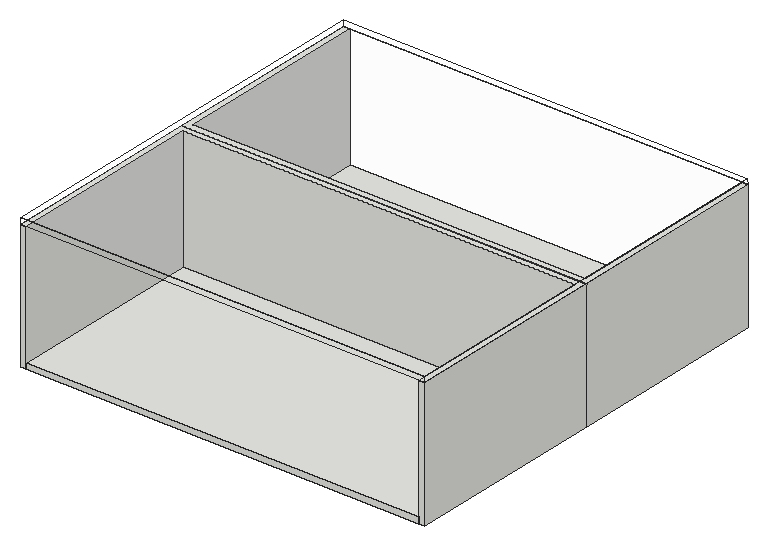
Revit family "Table-Coffee-Teknion-STLJ_Masalla-R2013", category Furniture, Revit 2013
Parameters (values of type "2 Box Square")
  Width = 33.46457"
  Warranty = "http://www.teknionstudio.com/pdfs/Teknion%20Studio%20Warranty.pdf"
  Unit Weight = 0.00 lbf
  URL = "www.teknionstudio.com"
  Table Top Finish [instance] = Glass - Teknion - A5 - Standard - Clear
  Surface B Finish [instance] = Paint - Teknion - True White
  Surface A Finish [instance] = Paint - Teknion - True White
  Series = "Studio"
  Product Line = "Masalla"
  Product Documentation Link = "http://www.teknionstudio.com/pricing/STLJ_ppg.pdf"
  Part Number = "STLJ"
  Model = "STLJ"
  Manufacturer Phone = "919-464-2920"
  Manufacturer Fax = "919-464-2927"
  Manufacturer Email = "customersupport@teknionstudio.com"
  Manufacturer Address = "3941 US 70 Business HWY West, Clayton, NC 27520"
  Manufacturer = "Teknion Studio"
  Low Emitting Material = yes
  Low Emitting Finish = yes
  Height = 12.59843"
  Description = "Masalla Table, 2 Box Square"
  Depth = 33.46457"
  Assembly Code = "E2020200"
Reference planes (in)
  plane 1 "Center F/B": y = 0
  plane 2: z = 0
  plane 3 "Center L/R": x = 0
  plane 4 "Left": x = -16.73228
  plane 5 "Right": x = 16.73228
  plane 6 "Back": y = 16.73228
  plane 7 "Front": y = -16.73228
  plane 8 "Top": z = 12.59843
  plane 9: z = 1.5748
  plane 10: z = 12.12598
Forms (in)
  Sweep 1, solid, material "Paint - Teknion - Smoke"
    path origin (0, 0, 0) x (1, 0, 0) y (0, 0, 1)
      loop
        line (0, 0) -> (0, 1.5748)
    profile origin (0, 0, 0.7874) x (-1, 0, 0) y (0, -1, 0)
      loop
        line (14.37028, -14.37008) -> (14.37028, 14.37008) -> (-14.37028, 14.37008) -> (-14.37028, -14.37008) -> (14.37028, -14.37008)
      loop
        line (-13.89784, -13.89764) -> (13.89784, -13.89764) -> (13.89784, 13.89764) -> (-13.89784, 13.89764) -> (-13.89784, -13.89764)
  Sweep 2, solid, material "Paint - Teknion - Smoke"
    path origin (0, 0, 0) x (1, 0, 0) y (0, 0, 1)
      loop
        line (0, 1.5748) -> (0, 1.10236)
    profile origin (0, 0, 1.33858) x (0, -1, 0) y (1, 0, 0)
      loop
        line (-13.89764, -13.89728) -> (13.89764, -13.89728) -> (13.89764, 13.89728) -> (-13.89764, 13.89728) -> (-13.89764, -13.89728)
  Sweep 3, solid, material "Glass - Teknion - A5 - Standard - Clear" <- "Table Top Finish"
    path origin (0, 0, 0) x (1, 0, 0) y (0, 0, 1)
      loop
        line (0, 12.59843) -> (0, 12.12598)
    profile origin (0, 0, 12.3622) x (0, -1, 0) y (1, 0, 0)
      loop
        line (-16.73228, -16.73228) -> (16.73228, -16.73228) -> (16.73228, 16.73228) -> (-16.73228, 16.73228) -> (-16.73228, -16.73228)
  Sweep 4, solid, material "Paint - Teknion - True White" <- "Surface A Finish"
    path origin (0, 0, 0) x (1, 0, 0) y (0, 0, 1)
      loop
        line (0, 12.12598) -> (0, 1.5748)
    profile origin (0, 0, 6.85039) x (0, -1, 0) y (1, 0, 0)
      loop
        line (-16.73228, -16.73228) -> (0, -16.73228) -> (0, 16.73228) -> (-16.73228, 16.73228) -> (-16.73228, 16.26028) -> (-0.472, 16.26028) -> (-0.472, -16.25984) -> (-16.73228, -16.25984) -> (-16.73228, -16.73228)
  Sweep 5, solid, material "Paint - Teknion - True White" <- "Surface A Finish"
    path origin (0, 0, 0) x (-1, 0, 0) y (0, 0, 1)
      loop
        line (0, 1.5748) -> (0, 2.04724)
    profile origin (0, 0, 1.81102) x (-1, 0, 0) y (0, -1, 0)
      loop
        line (-16.25984, -16.73228) -> (16.25984, -16.73228) -> (16.25984, -0.472) -> (-16.25984, -0.472) -> (-16.25984, -16.73228)
  Sweep 6, solid, material "Paint - Teknion - True White" <- "Surface B Finish"
    path origin (0, 0, 0) x (1, 0, 0) y (0, 0, -1)
      loop
        line (0, -1.5748) -> (0, -2.04724)
    profile origin (0, 0, 1.81102) x (1, 0, 0) y (0, 1, 0)
      loop
        line (-16.25984, -16.73228) -> (16.25984, -16.73228) -> (16.25984, -0.472) -> (-16.25984, -0.472) -> (-16.25984, -16.73228)
  Sweep 7, solid, material "Paint - Teknion - True White" <- "Surface B Finish"
    path origin (0, 0, 0) x (1, 0, 0) y (0, 0, 1)
      loop
        line (0, 12.12598) -> (0, 1.5748)
    profile origin (0, 0, 6.85039) x (0, -1, 0) y (1, 0, 0)
      loop
        line (16.73228, 16.73228) -> (0, 16.73228) -> (0, -16.73228) -> (16.73228, -16.73228) -> (16.73228, -16.26028) -> (0.472, -16.26028) -> (0.472, 16.25984) -> (16.73228, 16.25984) -> (16.73228, 16.73228)
Lines and regions (in)
  Masking region 1
    outline origin (0, 0, 12.59843) x (-1, 0, 0) y (0, -1, 0)
      loop
        line (16.73228, -16.73228) -> (16.73228, 16.73228) -> (-16.73228, 16.73228) -> (-16.73228, -16.73228) -> (16.73228, -16.73228)
  symbolic lines, style "Hidden Lines", detail levels medium+fine
    curve 1: line (-16.73228, 0, 12.59843) -> (16.73228, 0, 12.59843)
  symbolic lines, style "Hidden Lines", detail levels fine
    curve 2: line (16.25984, 16.73228, 12.59843) -> (16.25984, -16.73228, 12.59843)
    curve 3: line (-16.25984, 16.73228, 12.59843) -> (-16.25984, -16.73228, 12.59843)
    curve 4: line (-16.25984, 0.472, 12.59843) -> (16.25984, 0.472, 12.59843)
    curve 5: line (-16.25984, -0.472, 12.59843) -> (16.25984, -0.472, 12.59843)
Dimensions and locks (in)
  "Height": plane 8 "Top" to plane 2
  equal spacing: plane 4 "Left", plane 3 "Center L/R", plane 5 "Right"
  equal spacing: plane 6 "Back", plane 1 "Center F/B", plane 7 "Front"
  "Width": plane 4 "Left" to plane 5 "Right"
  "Depth": plane 6 "Back" to plane 7 "Front"
  locked: plane 8 "Top" to Sweep 3 sketch curve at 0.47244
  locked: plane 8 "Top" to plane 10 at 0.47244
  locked: plane 9 to plane 2 at 1.5748
  locked: plane 9 to Sweep 2 sketch curve at 0.47244
  locked: plane 4 "Left" to Sweep 4 sketch curve at 0.47244
  locked: Sweep 5 sketch curve to plane 5 "Right" at 0.47244
  locked: Sweep 5 sketch curve to plane 9 at 0.47244
  locked: Sweep 6 sketch curve to plane 9 at 0.47244
  locked: Sweep 1 sketch curve to Sweep 1 sketch curve at 0.47244  (x2)
  locked: plane 4 "Left" to Sweep 1 sketch curve at 2.362
  locked: Sweep 1 sketch curve to plane 5 "Right" at 2.362
  plane 6 "Back" to Sweep 1 sketch curve to Sweep 1 sketch curve = 2.3622" locked, 0.47244" locked
  plane 7 "Front" to Sweep 1 sketch curve to Sweep 1 sketch curve = 2.3622" locked, 0.47244" locked
  locked: plane 6 "Back" to Sweep 2 sketch curve at 2.83465
  locked: Sweep 2 sketch curve to plane 7 "Front" at 2.83465
  locked: Sweep 2 sketch curve to plane 5 "Right" at 2.835
  locked: plane 4 "Left" to Sweep 2 sketch curve at 2.835
  locked: Sweep 4 sketch curve to plane 5 "Right" at 0.472
  locked: plane 4 "Left" to Sweep 5 sketch curve at 0.47244
  plane 1 "Center F/B" to Sweep 4 sketch curve = 0.472"
  locked: plane 4 "Left" to Sweep 7 sketch curve at 0.472
  locked: Sweep 7 sketch curve to plane 5 "Right" at 0.47244
  locked: Sweep 7 sketch curve to plane 1 "Center F/B" at 0.472
  locked: Sweep 6 sketch curve to plane 1 "Center F/B" at 0.472
  locked: plane 4 "Left" to Sweep 6 sketch curve at 0.47244
  locked: Sweep 6 sketch curve to plane 5 "Right" at 0.47244
  locked: plane 1 "Center F/B" to Sweep 5 sketch curve at 0.472
  curve 5 to plane 1 "Center F/B" to curve 4 = 0.472" locked, 0.472" locked
  locked: plane 4 "Left" to curve 3 at 0.47244
  locked: curve 2 to plane 5 "Right" at 0.47244
  aligned and locked: level to plane 2
  aligned and locked: plane 3 "Center L/R" to Sweep 1 sketch curve
  aligned and locked: plane 2 to Sweep 1 sketch curve
  aligned and locked: Sweep 2 sketch curve to plane 3 "Center L/R"
  aligned and locked: Sweep 3 sketch curve to plane 3 "Center L/R"
  aligned and locked: plane 8 "Top" to Sweep 3 sketch curve
  aligned and locked: Sweep 3 sketch curve to plane 6 "Back"
  aligned and locked: plane 9 to Sweep 1 sketch curve
  aligned and locked: plane 9 to Sweep 2 sketch curve
  aligned and locked: plane 10 to Sweep 4 sketch curve
  aligned and locked: Sweep 4 sketch curve to plane 3 "Center L/R"
  aligned and locked: plane 9 to Sweep 4 sketch curve
  aligned and locked: Sweep 4 sketch curve to plane 4 "Left"
  aligned and locked: Sweep 4 sketch curve to plane 6 "Back"  (x2)
  aligned and locked: Sweep 4 sketch curve to plane 1 "Center F/B"
  aligned and locked: plane 9 to Sweep 5 sketch curve
  aligned and locked: plane 7 "Front" to Sweep 6 sketch curve
  aligned and locked: plane 9 to Sweep 6 sketch curve
  aligned and locked: Masking region 1 sketch curve to plane 6 "Back"
  aligned and locked: Masking region 1 sketch curve to plane 5 "Right"
  aligned and locked: Masking region 1 sketch curve to plane 7 "Front"
  aligned and locked: plane 4 "Left" to Masking region 1 sketch curve
  aligned and locked: Sweep 4 sketch curve to plane 5 "Right"
  aligned and locked: Sweep 7 sketch curve to plane 3 "Center L/R"
  aligned and locked: plane 10 to Sweep 7 sketch curve
  aligned and locked: plane 9 to Sweep 7 sketch curve
  aligned and locked: plane 1 "Center F/B" to Sweep 7 sketch curve
  aligned and locked: plane 4 "Left" to Sweep 7 sketch curve
  aligned and locked: plane 5 "Right" to Sweep 7 sketch curve
  aligned and locked: Sweep 7 sketch curve to plane 7 "Front"  (x2)
  aligned and locked: plane 7 "Front" to curve 3
  aligned and locked: plane 7 "Front" to curve 2
  aligned and locked: plane 4 "Left" to Sweep 3 sketch curve
  aligned and locked: Sweep 3 sketch curve to plane 5 "Right"
  aligned and locked: Sweep 3 sketch curve to plane 7 "Front"
  aligned and locked: plane 6 "Back" to Sweep 5 sketch curve
  aligned and locked: plane 7 "Front" to Sweep 7  (x2)
  aligned and locked: plane 6 "Back" to curve 2
  aligned and locked: plane 6 "Back" to curve 3
Automatic sketch dimensions
  Sweep 5 sketch curve to plane 3 "Center L/R" = 0.000"
  Sweep 6 sketch curve to plane 3 "Center L/R" = 0.000"
  plane 1 "Center F/B" to curve 1 = 0.000"
  curve 1 to plane 5 "Right" = 0.000"
  curve 1 to plane 4 "Left" = 0.000"
